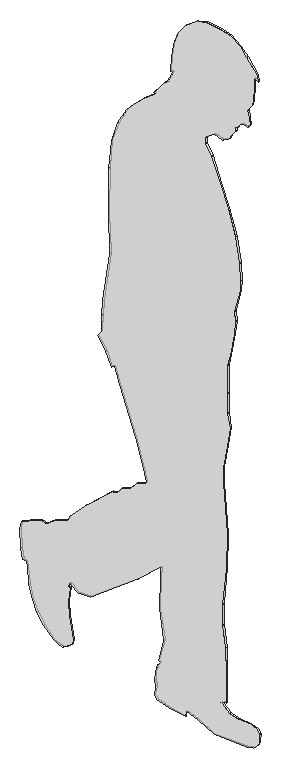
Revit family "Flat Man 24", category Entourage, Revit 2015
Parameters
  Flat Material [instance] = none
  Height = 0 mm
Reference planes
  plane 1 "Center (Front/Back)": y = 0
  plane 2: z = 0
  plane 3 "Center (Left/Right)": x = 0
Forms (mm)
  Extrusion 1, solid, material <- "Flat Material"
    sketch origin (0, 0, 0) x (1, 0, 0) y (0, 0, 1)
      loop
        line (-151.052, 905.394) -> (-163.194, 892.179) -> (-138.91, 857.662) -> (-122.183, 822.205) -> (-113.613, 829.26) -> (-99.128, 787.289) -> (-53.594, 666.136) -> (-33.5, 604.557) -> (-22.349, 561.106) -> (-50.519, 548.355) -> (-68.197, 529.505) -> (-93.452, 521.07) -> (-104.503, 507.397) -> (-119.763, 503.187) -> (-196.585, 441.65) -> (-243.417, 396.942) -> (-246.573, 386.95) -> (-287.093, 369.593) -> (-310.496, 354.229) -> (-324.094, 356.947) -> (-357.403, 346.073) -> (-363.525, 340.298) -> (-382.421, 334.377) -> (-386.406, 313.475) -> (-383.415, 263.205) -> (-377.439, 236.805) -> (-367.981, 236.805) -> (-364.676, 224.934) -> (-360.644, 179.79) -> (-350.562, 144.321) -> (-336.851, 115.301) -> (-317.095, 88.295) -> (-299.352, 68.544) -> (-286.199, 59.87) -> (-271.007, 52.439) -> (-262.039, 52.195) -> (-251.434, 56.347) -> (-235.86, 68.577) -> (-231.971, 79.138) -> (-243.647, 141.394) -> (-246.429, 176.414) -> (-240.87, 214.767) -> (-246.705, 214.767) -> (-244.253, 223.963) -> (-239.92, 221.18) -> (-217.174, 207.104) -> (-183.595, 207.104) -> (-46.977, 301.779) -> (19.316, 356.241) -> (18.325, 330.343) -> (15.235, 249.397) -> (28.075, 172.297) -> (13.238, 115.686) -> (18.189, 112.215) -> (11.056, 102.985) -> (3.917, 81.587) -> (2.652, 59.767) -> (5.175, 45.921) -> (0.74, 20.102) -> (11.042, 10.296) -> (44.882, 2.941) -> (90.493, -3.922) -> (92.95, 11.276) -> (127.525, 0) -> (173.406, -21.082) -> (267.07, -21.082) -> (286.092, -15.411) -> (301.359, -4.406) -> (304.049, 5.22) -> (304.893, 25.362) -> (298.167, 36.69) -> (277.181, 43.404) -> (239.407, 45.502) -> (218.411, 50.117) -> (196.166, 67.32) -> (192.764, 70.078) -> (209.186, 72.355) -> (209.033, 150.023) -> (206.816, 215.014) -> (198.012, 270.037) -> (198.012, 325.058) -> (207.915, 419.699) -> (211.192, 507.751) -> (199.286, 638.006) -> (198.856, 677.532) -> (211.964, 735.556) -> (219.452, 784.843) -> (213.213, 822.205) -> (212.741, 872.753) -> (212.741, 946.386) -> (220.099, 975.103) -> (231.889, 1032.539) -> (235.197, 1067.728) -> (233.154, 1091.318) -> (247.933, 1150.499) -> (250.393, 1177.069) -> (247.106, 1220.369) -> (235.3, 1285.309) -> (214.029, 1350.309) -> (190.357, 1407.598) -> (166.403, 1469.429) -> (149.698, 1496.799) -> (149.654, 1511.469) -> (175.157, 1528.889) -> (198.246, 1521.038) -> (215.794, 1529.348) -> (225.028, 1546.888) -> (236.112, 1556.58) -> (236.112, 1567.659) -> (242.03, 1569.038) -> (245.891, 1576.159) -> (252.121, 1582.088) -> (260.736, 1581.499) -> (270.231, 1580.608) -> (276.758, 1586.84) -> (274.091, 1606.419) -> (270.522, 1623.329) -> (273.786, 1630.749) -> (282.401, 1641.129) -> (286.297, 1656.078) -> (289.095, 1688.25) -> (288.165, 1711.559) -> (300.757, 1705.969) -> (298.424, 1723.679) -> (267.178, 1760.05) -> (249.446, 1780.1) -> (220.063, 1798.738) -> (193.011, 1805.738) -> (152.149, 1808.208) -> (124.908, 1803.78) -> (90.696, 1779.079) -> (67.877, 1750.58) -> (55.846, 1718.908) -> (49.506, 1684.71) -> (46.525, 1646.62) -> (54.58, 1646.078) -> (37.453, 1613.159) -> (32.626, 1613.958) -> (21.808, 1600.378) -> (-0.67, 1574.179) -> (4.739, 1573.5) -> (-24.768, 1553.059) -> (-54.911, 1528.669) -> (-77.715, 1505.058) -> (-103.78, 1460.279) -> (-122.513, 1407.598) -> (-129.727, 1332.64) -> (-131.729, 1216.669) -> (-126.971, 1114.899) -> (-147.804, 985.359) -> (-149.797, 947.506) -> (-151.796, 909.657) -> (-151.052, 905.394)
    from -2.5 to 2.5
Lines and regions (mm)
  model lines
    curve 1: line (-150, 0, 0) -> (150, 0, 0)
    curve 2: line (0, -150, 0) -> (0, 150, 0)
Dimensions and locks
  aligned and locked: level to plane 2
